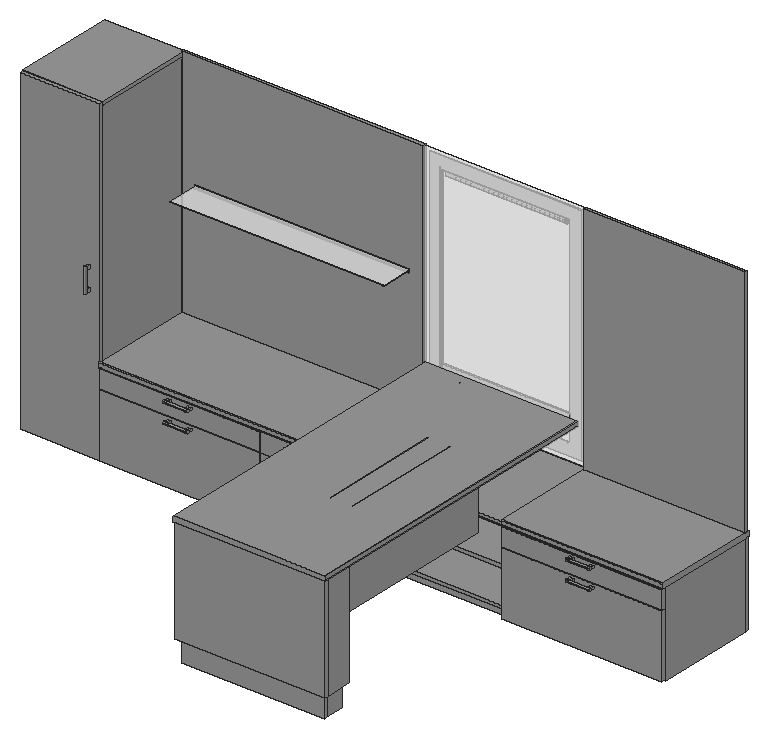
Revit family "JSI-Vision-Typical_Veneer-VSV122", category Furniture, Revit 2020
Family settings
  OmniClass Number = 23.40.20.00
  OmniClass Title = General Furniture and Specialties
  Work Plane-Based = No
  Always vertical = Yes
  Cut with Voids When Loaded = No
  Shared = No
  Room Calculation Point = No
Parameters (values of type "VSV122")
  URL = "www.jsifurniture.com"
  Type Comments = "Typical Veneer"  # constant formula
  Model = "VSV122"
  Manufacturer = "JSI"  # constant formula
  Keynote = "12500"
  Default Elevation = 0"
  Assembly Code = "E2020200"
Reference planes (in)
  plane 1 "Center Front/Back": y = 0
  plane 2: z = 0
  plane 3 "Center Left/Right": x = 0
Dimensions and locks (in)
  aligned and locked: level to plane 2
Nested families (in)
  nested 1: "JSI-Vision-Wall_Panel_Magnetic_Glass" at (-72, 0, -9.5685), type "VSB3653WPGP, Wall Panel Magnetic Glass 52 3/16"H, 36"W"
  nested 2: "JSI-Vision-Wardrobe" at (-143.875, 0.125, 0), type "VSV2418-72WL, Veneer 72" H Wdrb 24" x 30" - 1 Door"
    with Vertical Partition no, Top-Right Shelve no, Width 18", Unit Centre 8 15/16", Shelve Width 7 13/16", Right surface Dist. to Vertical Partition 3/4", Right Door no, Pull Distance 15 1/4", Left Shelves no, Height 72", Hanging Bar Distance 6 3/4", Door Width 17 3/4", Bottom-Right Shelves yes, Adjustable Shelves Array Distance 13.95", Actual Width 17 7/8", Actual Height 71 11/16", # of Adjustable Shelves 4
  nested 3: "JSI-Vision-Box_File_Modular_Bench_Pedestal" at (-90, 0, 0), type "VSVB2418MBF, Veneer BF Modular Bench H Ped"
    with Height 18.744", Depth 24"
  nested 4: "JSI-Vision-Box_File_Modular_Bench_Pedestal" at (-36, 0, 0), type "VSVB2436MBF, Veneer BF Modular Bench H Ped"
    with Width 36", Height 18.744", Depth 24"
  nested 5: "JSI-Vision-Bench_Height_Modular_Top" at (-36, 0, -0.756), type "VSVB2436MT, Veneer Mod Bench H Top, 24" x 36""
    with Width 36", Depth 24"
  nested 6: "JSI-Vision-Bench_Height_Modular_Top" at (-126, 0, -0.756), type "VSVB2454MT, Veneer Mod Bench H Top, 24" x 54""
    with Width 54", Depth 24"
  nested 7: "JSI-Vision-Box_File_Modular_Bench_Pedestal" at (-126, 0, 0), type "VSVB2436MBF, Veneer BF Modular Bench H Ped"
    with Width 36", Height 18.744", Depth 24"
  nested 8: "JSI-Vision-Adjustable_Height_Peninsula_Desk-Credenza" at (-36, 0, 0) x (0, -1, 0) z (0, 0, 1), type "VSVB3672-AH24PDR, Adj Height Peninsula Desk Credenza 20"H, 72"W"
  nested 9: "JSI-Vision-Wall_Panel_Laminate" at (-36, 0, -9.5685), type "VSV3653WP, Veneer Wall Panel - 7 15/16d x 36w x 52 3/16h"
    with Width 36", Height 52.187"
  nested 10: "JSI-Vision-Wall_Panel_Markerboard_Laminate-Glass_Shelf" at (-126, 0, 0.119), type "VSV5453WPGS, Wall Panel with Glass Shelf 52 3/16"H, 54"W"
    with Two Shelves yes, Qty Shelf 1, One Shelf yes, Dist Shelf 26 3/32", Width 54", Height 52 3/16"
  nested 11: "JSI-Vision-Filler_Back_Panel_for_Bench_Height" at (-4, 0, 0), type "VSVB0419MBK, Filler Back Panel for Bench Height 18 3/4"H, 4"W"
Definition of nested family "JSI-Vision-Wall_Panel_Magnetic_Glass"
  Parameters (values of type "VSB3653WPGP, Wall Panel Magnetic Glass 52 3/16"H, 36"W")
    Width = 36"
    URL = "www.jsifurniture.com"
    Type Comments = ""
    Series = "Vision Casegoods"  # constant formula
    Model = "VSB3653WPGP"
    Material = ""
    Manufacturer = "JSI"  # constant formula
    Keynote = "12500"  # constant formula
    SVX Enviromental Website = "http://www.jsifurniture.com/jsi_sustainability_intro.php"
    Height = 52 3/16"
    Hardware Finish = none
    Description = "Wall Panel Magnetic Glass -  7/16\"D x 36\"W x 52 3/16\"H"
    Depth = 7/16"
    Panel Finish = none
    Default Elevation = 0"
    Assembly Code = "E2020200"
  Types (2): name | Model | Height | Description
    VSB3653WPGP, Wall Panel Magnetic Glass 52 3/16"H, 36"W | "VSB3653WPGP" | 52 3/16" | "Wall Panel Magnetic Glass -  7/16\"D x 36\"W x 52 3/16\"H"
    VSB3654WPGP, Wall Panel Magnetic Glass 54 1/2"H, 36"W | "VSB3654WPGP" | 54 1/2" | "Wall Panel Magnetic Glass -  7/16\"D x 36\"W x 54 1/2\"H"
  Reference planes (in)
    plane 1 "Center Front/Back": y = 0
    plane 2: z = 0
    plane 3 "Center Left/Right": x = 0
    plane 4: z = 0
    plane 5: z = 81.6875
    plane 6: x = 36
    plane 7: y = -0.4375
    plane 8: z = 29.5
  Forms (in)
    Extrusion 1, solid, material <- "Panel Finish"
      sketch origin (0, -0.25, 0) x (1, 0, 0) y (0, 0, 1)
        loop
          line (0, 81.6875) -> (0, 29.5) -> (36, 29.5) -> (36, 81.6875) -> (0, 81.6875)
      from 0.03002 to 0.1875
    Sweep 2, solid, material <- "Hardware Finish"
      path origin (0, 0, 0) x (1, 0, 0) y (0, 0, 1)
        loop
          line (1, 80.6875) -> (1, 30.5) -> (35, 30.5) -> (35, 80.6875) -> (1, 80.6875)
      profile origin (18, 0, 80.6875) x (0, 0, 1) y (0, -1, 0)
        loop
          line (0, 0) -> (0, 0.28002) -> (-2.66142, 0.28002) -> (-2.66142, 0.20128) -> (-2.18898, 0.20128) -> (-2.18898, 0.07874) -> (-2.66142, 0.07874) -> (-2.66142, 0) -> (0, 0)
    Extrusion 3, solid, material <- "Hardware Finish"
      sketch origin (0, 0, 0) x (0, 1, 0) y (0, 0, 1)
        loop
          line (0, 36.40108) -> (0, 39.0625) -> (-0.28002, 39.0625) -> (-0.28002, 36.40108) -> (-0.20128, 36.40108) -> (-0.20128, 36.95226) -> (-0.07874, 36.95226) -> (-0.07874, 36.40108) -> (0, 36.40108)
      from 32.33858 to 3.66142
    Extrusion 4, solid, material <- "Hardware Finish"
      sketch origin (0, 0, 0) x (0, 1, 0) y (0, 0, 1)
        loop
          line (-0.1808, 36.95191) -> (-0.1808, 36.15) -> (-0.0558, 36.15) -> (-0.0558, 35.15) -> (0.0192, 35.15) -> (0.0192, 35.23062)
          arc (0.0192, 35.23062) -> (-0.01092, 35.26074) -> (0.0192, 35.29087) r 0.03012
          line (0.0192, 35.29087) -> (0.0192, 35.35562)
          arc (0.0192, 35.35562) -> (-0.01092, 35.38574) -> (0.0192, 35.41587) r 0.03012
          line (0.0192, 35.41587) -> (0.0192, 35.48062)
          arc (0.0192, 35.48062) -> (-0.01092, 35.51074) -> (0.0192, 35.54087) r 0.03012
          line (0.0192, 35.54087) -> (0.0192, 35.60562)
          arc (0.0192, 35.60562) -> (-0.01092, 35.63574) -> (0.0192, 35.66587) r 0.03012
          line (0.0192, 35.66587) -> (0.0192, 35.73062)
          arc (0.0192, 35.73062) -> (-0.01092, 35.76074) -> (0.0192, 35.79087) r 0.03012
          line (0.0192, 35.79087) -> (0.0192, 35.85562)
          arc (0.0192, 35.85562) -> (-0.01092, 35.88574) -> (0.0192, 35.91587) r 0.03012
          line (0.0192, 35.91587) -> (0.0192, 35.98062)
          arc (0.0192, 35.98062) -> (-0.01092, 36.01074) -> (0.0192, 36.04087) r 0.03012
          line (0.0192, 36.04087) -> (0.0192, 36.4) -> (-0.0858, 36.4) -> (-0.0858, 36.95191) -> (-0.1808, 36.95191)
        loop
          line (-0.1808, 78.57691) -> (-0.1808, 77.775) -> (-0.0558, 77.775) -> (-0.0558, 76.775) -> (0.0192, 76.775) -> (0.0192, 76.85562)
          arc (0.0192, 76.85562) -> (-0.01092, 76.88574) -> (0.0192, 76.91587) r 0.03012
          line (0.0192, 76.91587) -> (0.0192, 76.98062)
          arc (0.0192, 76.98062) -> (-0.01092, 77.01074) -> (0.0192, 77.04087) r 0.03012
          line (0.0192, 77.04087) -> (0.0192, 77.10562)
          arc (0.0192, 77.10562) -> (-0.01092, 77.13574) -> (0.0192, 77.16587) r 0.03012
          line (0.0192, 77.16587) -> (0.0192, 77.23062)
          arc (0.0192, 77.23062) -> (-0.01092, 77.26074) -> (0.0192, 77.29087) r 0.03012
          line (0.0192, 77.29087) -> (0.0192, 77.35562)
          arc (0.0192, 77.35562) -> (-0.01092, 77.38574) -> (0.0192, 77.41587) r 0.03012
          line (0.0192, 77.41587) -> (0.0192, 77.48062)
          arc (0.0192, 77.48062) -> (-0.01092, 77.51074) -> (0.0192, 77.54087) r 0.03012
          line (0.0192, 77.54087) -> (0.0192, 77.60562)
          arc (0.0192, 77.60562) -> (-0.01092, 77.63574) -> (0.0192, 77.66587) r 0.03012
          line (0.0192, 77.66587) -> (0.0192, 78.025) -> (-0.0858, 78.025) -> (-0.0858, 78.57691) -> (-0.1808, 78.57691)
      from 31.715 to 4.285
  Lines and regions (in)
    symbolic lines
      curve 1: line (0, -0.28002, 0) -> (36, -0.28002, 0)
      curve 2: line (0, -0.4375, 0) -> (0, -0.28002, 0)
      curve 3: line (36, -0.4375, 0) -> (0, -0.4375, 0)
      curve 4: line (36, -0.28002, 0) -> (36, -0.4375, 0)
      curve 5: line (1, -0.28002, 0) -> (1, 0, 0)
      curve 6: line (1, 0, 0) -> (35, 0, 0)
      curve 7: line (35, 0, 0) -> (35, -0.28002, 0)
  Dimensions and locks (in)
    "Width": plane 3 "Center Left/Right" to plane 6
    "Depth": plane 1 "Center Front/Back" to plane 7
    locked: plane 1 "Center Front/Back" to Extrusion 1 at 0.28002
    locked: plane 8 to plane 4 at 29.5
    "Height": plane 5 to plane 8
    locked: plane 5 to Sweep 2 sketch curve at 1
    locked: Sweep 2 sketch curve to plane 8 at 1
    locked: Sweep 2 sketch curve to plane 3 "Center Left/Right" at 1
    locked: Sweep 2 sketch curve to plane 6 at 1
    plane 5 to Sweep 2 sketch curve to Sweep 2 sketch curve to Sweep 2 sketch curve = 1" locked, 2.18898" locked, 0.47244" locked
    Extrusion 3 sketch curve to Extrusion 3 sketch curve to Extrusion 3 sketch curve to plane 8 = 2.11024" locked, 0.55118" locked, 6.90108" locked
    plane 8 to Extrusion 4 sketch curve to Extrusion 4 sketch curve to Extrusion 4 sketch curve to Extrusion 4 sketch curve to Extrusion 4 sketch curve to Extrusion 4 sketch curve to Extrusion 4 sketch curve to Extrusion 4 sketch curve to Extrusion 4 sketch curve to Extrusion 4 sketch curve to Extrusion 4 sketch curve = 5.65" locked, 0.11074" locked, 1/8" locked, 1/8" locked, 1/8" locked, 1/8" locked, 1/8" locked, 1/8" locked, 0.13926" locked, 1/4" locked, 0.55191" locked
    Extrusion 4 sketch curve to Extrusion 4 sketch curve to Extrusion 4 sketch curve to Extrusion 4 sketch curve to Extrusion 4 sketch curve to Extrusion 4 sketch curve to Extrusion 4 sketch curve to Extrusion 4 sketch curve to Extrusion 4 sketch curve to Extrusion 4 sketch curve to Extrusion 4 sketch curve to plane 5 = 0.11074" locked, 1/8" locked, 1/8" locked, 1/8" locked, 1/8" locked, 1/8" locked, 1/8" locked, 0.13926" locked, 1/4" locked, 0.55191" locked, 3.11059" locked
    locked: plane 3 "Center Left/Right" to Extrusion 4 at 4.285
    locked: plane 6 to Extrusion 4 at 4.285
    aligned and locked: level to plane 2
    aligned and locked: plane 3 "Center Left/Right" to Extrusion 1 sketch curve
    aligned and locked: plane 6 to Extrusion 1 sketch curve
    aligned and locked: Extrusion 1 to plane 7
    aligned and locked: Extrusion 1 to plane 6
    aligned and locked: Extrusion 1 to plane 3 "Center Left/Right"
    aligned and locked: Sweep 2 sketch curve to Sweep 2 sketch curve
    aligned and locked: Extrusion 1 to plane 8
    aligned and locked: Extrusion 3 sketch curve to Extrusion 3 sketch curve
    aligned and locked: Sweep 2 to Extrusion 3  (x2)
    aligned and locked: Extrusion 3 to Sweep 2
    aligned and locked: curve 1 to Extrusion 1
    aligned and locked: curve 2 to Extrusion 1
    aligned and locked: curve 3 to Extrusion 1
    aligned and locked: curve 4 to Extrusion 1
  Automatic sketch dimensions
    Extrusion 1 sketch curve to plane 8 = 0"
    Extrusion 1 sketch curve to plane 5 = 0"
    Sweep 2 sketch curve to plane 1 "Center Front/Back" = 0"
    Sweep 2 sketch curve to Sweep 2 sketch curve = 0.07874"
    Sweep 2 sketch curve to Sweep 2 sketch curve = 0.12254"
    Sweep 2 sketch curve to Sweep 2 sketch curve = 0.28002"
    Extrusion 3 sketch curve to plane 1 "Center Front/Back" = 0"
    plane 1 "Center Front/Back" to Extrusion 3 sketch curve = 0.07874"
    Extrusion 3 sketch curve to Extrusion 3 sketch curve = 0.12254"
    Extrusion 3 sketch curve to Extrusion 3 sketch curve = 0.07874"
    plane 1 "Center Front/Back" to Extrusion 4 sketch curve = 0.1808"  (x2)
    plane 1 "Center Front/Back" to Extrusion 4 sketch curve = 0.0858"  (x2)
    plane 1 "Center Front/Back" to Extrusion 4 sketch curve = 0.0558"  (x2)
    Extrusion 4 sketch curve to plane 1 "Center Front/Back" = 0.0192"  (x2)
    Extrusion 4 sketch curve to Extrusion 4 sketch curve = 0.03012"  (x14)
    plane 1 "Center Front/Back" to curve 6 = 0"
    plane 3 "Center Left/Right" to curve 6 = 1"
    curve 7 to curve 1 = 1"
Definition of nested family "JSI-Vision-Wardrobe"
  Parameters (values of type "Type Catalog")
    Vertical Partition = yes
    Top-Right Shelve = yes
    Top = none
    Width = 36"
    Unit Centre = Actual Width / 2  # 17 15/16"
    URL = "www.jsifurniture.com"
    Type Comments = ""
    Tag = "Storage/Wardrobe"
    Shelve Width = (Actual Width - 2 1/4") / 2  # 16 13/16"
    Shelve Depth = Depth - 2 13/16"  # 21 3/16"
    Series = "Vision Casegoods"  # constant formula
    Right surface Dist. to Vertical Partition = if(Vertical Partition, (Unit Centre + 3/8"), 3/4")  # 18 5/16"
    Right Door = yes
    Pull Finish = none
    Pull Distance = Door Width - 2 1/2"  # 15 5/16"
    Model = "Type Catalog"
    Material = ""
    Manufacturer = "JSI"  # constant formula
    Left Shelves = yes
    Left Door = yes
    Keynote = "12500"
    JSI Enviromental Website = "http://www.jsifurniture.com/jsi_sustainability_intro.php"
    Height = 84"
    Hanging Bar Distance = if(Height > 72", (Adjustable Shelves Array Distance + 6 3/4"), 6 3/4")  # 20 3/8"
    Door Width = if(Vertical Partition, ((Actual Width - (1/4")) / 2), (Actual Width - 1/8"))  # 17 13/16"
    Door Front = none
    Description = "Type Catalog"
    Depth = 24"
    Default Elevation = 0"
    Chassis = none
    Bottom-Right Shelves = no
    Assembly Code = "E2020200"
    Adjustable Shelves Array Distance = (Actual Height - 1 15/16") / (# of Adjustable Shelves + 1)  # 13 5/8"
    Actual Width = Width - 1/8"  # 35 7/8"
    Actual Height = if(Height > 54", (Height - 5/16"), (if(Height > 42", (Height + 1 1/8"), if(Height > 30", (Height - 3/8"), (Height - 13/16")))))  # 83 11/16"
    # of Adjustable Shelves = if(Height > 72", 5, 4)  # 5
  Reference planes (in)
    plane 1 "Center Front/Back": y = 0
    plane 2: z = 0
    plane 3 "Center Left/Right": x = 0
    plane 4: z = 0
    plane 5: x = 35.875
    plane 6: y = -0.125
    plane 7: y = -23
    plane 8: z = 83.6875
    plane 9: y = -0.875
    plane 10: y = -22.8125
    plane 11: y = -22.0625
    plane 12: x = 0.75
    plane 13: x = 35.125
    plane 14: z = 1.1875
    plane 15: z = 1.9375
    plane 16: z = 82.9375
    plane 17: z = 83.3125
    plane 18: z = 15.1875
    plane 19: z = 28.8125
    plane 20: z = 42.4375
    plane 21: z = 56.0625
    plane 22: z = 69.6875
    plane 23: z = 70.0625
    plane 24: z = 69.3125
    plane 25: z = 56.4375
    plane 26: z = 55.6875
    plane 27: z = 42.8125
    plane 28: z = 42.0625
    plane 29: z = 29.1875
    plane 30: z = 28.4375
    plane 31: z = 15.5625
    plane 32: z = 14.8125
    plane 33: x = 17.9375
    plane 34: x = 0.0625
    plane 35: x = 35.8125
    plane 36: x = 18
    plane 37: x = 17.875
    plane 38: z = 0.125
    plane 39: y = -23.125
    plane 40: y = -23.875
    plane 41: z = 1.5625
    plane 42: x = 18.3125
    plane 43: x = 17.5625
    plane 44: y = -24
    plane 45: z = 83.625
    plane 46: z = 63.3125
    plane 47: y = -11.5625
    plane 48: z = 41.84375
    plane 49: x = 20.5
    plane 50: x = 15.375
    plane 51: z = 20.3125
    plane 52: z = 19.5625
    plane 53: x = 18.3125
  Forms (in)
    Extrusion 1, solid, material <- "Chassis"
      sketch origin (0, 0, 0) x (1, 0, 0) y (0, 1, 0)
        loop
          line (0, -0.125) -> (0, -0.875) -> (35.875, -0.875) -> (35.875, -0.125) -> (0, -0.125)
      from 0 to 82.9375
    Extrusion 2, solid, material <- "Chassis"
      sketch origin (0, 0, 0) x (1, 0, 0) y (0, 1, 0)
        loop
          line (0, -0.875) -> (0, -23) -> (0.75, -23) -> (0.75, -0.875) -> (0, -0.875)
      from 0 to 82.9375
    Extrusion 3, solid, material <- "Chassis"
      sketch origin (0, 0, 0) x (1, 0, 0) y (0, 1, 0)
        loop
          line (35.125, -0.875) -> (35.125, -23) -> (35.875, -23) -> (35.875, -0.875) -> (35.125, -0.875)
      from 0 to 82.9375
    Extrusion 4, solid, material <- "Top"
      sketch origin (0, 0, 0) x (0, 1, 0) y (0, 0, 1)
        loop
          line (-0.125, 83.6875) -> (-23, 83.6875) -> (-23, 82.9375) -> (-0.125, 82.9375) -> (-0.125, 83.6875)
      from 0 to 35.875
    Extrusion 5, solid, material <- "Chassis"
      sketch origin (0, 0, 0) x (0, 1, 0) y (0, 0, 1)
        loop
          line (-0.875, 1.9375) -> (-22.0625, 1.9375) -> (-22.0625, 1.1875) -> (-0.875, 1.1875) -> (-0.875, 1.9375)
      from 0.75 to 35.125
    Extrusion 6, solid, material <- "Chassis"
      sketch origin (0, 0, 0) x (0, 1, 0) y (0, 0, 1)
        loop
          line (-22.0625, 1.9375) -> (-22.8125, 1.9375) -> (-22.8125, 0) -> (-22.0625, 0) -> (-22.0625, 1.9375)
      from 0.75 to 35.125
    Extrusion 7, solid, material <- "Door Front", visible <- "Left Door"
      sketch origin (0, 0, 0) x (1, 0, 0) y (0, 1, 0)
        loop
          line (0.0625, -23.125) -> (0.0625, -23.875) -> (17.875, -23.875) -> (17.875, -23.125) -> (0.0625, -23.125)
      from 0.125 to 83.625
    Extrusion 8, solid, material <- "Door Front", visible <- "Right Door"
      sketch origin (0, 0, 0) x (1, 0, 0) y (0, 1, 0)
        loop
          line (18, -23.125) -> (18, -23.875) -> (35.8125, -23.875) -> (35.8125, -23.125) -> (18, -23.125)
      from 0.125 to 83.625
    Extrusion 9, solid, material <- "Chassis", visible <- "Vertical Partition"
      sketch origin (0, 0, 0) x (1, 0, 0) y (0, 1, 0)
        loop
          line (17.5625, -0.875) -> (17.5625, -23) -> (18.3125, -23) -> (18.3125, -0.875) -> (17.5625, -0.875)
      from 1.9375 to 82.9375
    Extrusion 10, solid, material <- "Chassis", visible <- "Left Shelves"
      sketch origin (0, 0, 0) x (0, 1, 0) y (0, 0, 1)
        loop
          line (-0.875, 15.5625) -> (-22.0625, 15.5625) -> (-22.0625, 14.8125) -> (-0.875, 14.8125) -> (-0.875, 15.5625)
      from 0.75 to 17.5625
    Extrusion 11, solid, material <- "Chassis", visible <- "Top-Right Shelve"
      sketch origin (0, 0, 0) x (0, 1, 0) y (0, 0, 1)
        loop
          line (-0.875, 70.0625) -> (-22.0625, 70.0625) -> (-22.0625, 69.3125) -> (-0.875, 69.3125) -> (-0.875, 70.0625)
      from 18.3125 to 35.125
    Extrusion 12, solid, material <- "Pull Finish"
      sketch origin (0, 0, 0) x (0, 1, 0) y (0, 0, 1)
        loop
          circle (-11.5625, 63.3125) r 0.5
      from 18.3125 to 35.125
    Extrusion 13, solid, material <- "Chassis", visible <- "Left Shelves"
      sketch origin (0, 0, 13.625) x (0, 1, 0) y (0, 0, 1)
        loop
          line (-0.875, 15.5625) -> (-22.0625, 15.5625) -> (-22.0625, 14.8125) -> (-0.875, 14.8125) -> (-0.875, 15.5625)
      from 0.75 to 17.5625
    Extrusion 14, solid, material <- "Chassis", visible <- "Left Shelves"
      sketch origin (0, 0, 27.25) x (0, 1, 0) y (0, 0, 1)
        loop
          line (-0.875, 15.5625) -> (-22.0625, 15.5625) -> (-22.0625, 14.8125) -> (-0.875, 14.8125) -> (-0.875, 15.5625)
      from 0.75 to 17.5625
    Extrusion 15, solid, material <- "Chassis", visible <- "Left Shelves"
      sketch origin (0, 0, 40.875) x (0, 1, 0) y (0, 0, 1)
        loop
          line (-0.875, 15.5625) -> (-22.0625, 15.5625) -> (-22.0625, 14.8125) -> (-0.875, 14.8125) -> (-0.875, 15.5625)
      from 0.75 to 17.5625
    Extrusion 16, solid, material <- "Chassis", visible <- "Bottom-Right Shelves"
      sketch origin (0, 0, 0) x (0, 1, 0) y (0, 0, 1)
        loop
          line (-22.0625, 29.1875) -> (-22.0625, 28.4375) -> (-0.875, 28.4375) -> (-0.875, 29.1875) -> (-22.0625, 29.1875)
      from 18.3125 to 35.125
    Extrusion 17, solid, material <- "Chassis", visible <- "Bottom-Right Shelves"
      sketch origin (0, 0, 0) x (0, 1, 0) y (0, 0, 1)
        loop
          line (-22.0625, 20.3125) -> (-22.0625, 19.5625) -> (-0.875, 19.5625) -> (-0.875, 20.3125) -> (-22.0625, 20.3125)
      from 18.3125 to 35.125
    Extrusion 18, solid, material <- "Chassis", visible <- "Left Shelves"
      sketch origin (0, 0, 54.5) x (0, 1, 0) y (0, 0, 1)
        loop
          line (-0.875, 15.5625) -> (-22.0625, 15.5625) -> (-22.0625, 14.8125) -> (-0.875, 14.8125) -> (-0.875, 15.5625)
      from 0.75 to 17.5625
  Lines and regions (in)
    symbolic lines
      curve 1: line (35.875, -0.125, 0) -> (0, -0.125, 0)
      curve 2: line (0, -0.125, 0) -> (0, -23, 0)
      curve 3: line (35.875, -23, 0) -> (35.875, -0.125, 0)
      curve 4: line (0, -23, 0) -> (35.875, -23, 0)
      curve 5: line (17.875, -23.875, 0) -> (17.875, -23.125, 0)
      curve 6: line (0.0625, -23.875, 0) -> (17.875, -23.875, 0)
      curve 7: line (17.875, -23.125, 0) -> (0.0625, -23.125, 0)
      curve 8: line (0.0625, -23.125, 0) -> (0.0625, -23.875, 0)
      curve 9: line (35.8125, -23.125, 20.3125) -> (18, -23.125, 20.3125)
      curve 10: line (18, -23.875, 20.3125) -> (35.8125, -23.875, 20.3125)
      curve 11: line (18, -23.125, 20.3125) -> (18, -23.875, 20.3125)
      curve 12: line (35.8125, -23.875, 20.3125) -> (35.8125, -23.125, 20.3125)
  Dimensions and locks (in)
    locked: plane 6 to plane 1 "Center Front/Back" at 0.125
    plane 7 to plane 10 to plane 11 = 3/16" locked, 3/4" locked
    locked: plane 3 "Center Left/Right" to plane 12 at 0.75
    locked: plane 13 to plane 5 at 0.75
    plane 15 to plane 14 to plane 4 = 3/4" locked, 1 3/16" locked
    locked: plane 8 to plane 16 at 0.75
    locked: plane 17 to plane 16 at 0.375
    plane 23 to plane 22 to plane 24 = 3/8" locked, 3/8" locked
    plane 25 to plane 21 to plane 26 = 3/8" locked, 3/8" locked
    plane 27 to plane 20 to plane 28 = 3/8" locked, 3/8" locked
    plane 29 to plane 19 to plane 30 = 3/8" locked, 3/8" locked
    plane 31 to plane 18 to plane 32 = 3/8" locked, 3/8" locked
    "Actual Width": plane 3 "Center Left/Right" to plane 5
    "Unit Centre": plane 3 "Center Left/Right" to plane 33
    "Actual Height": plane 8 to plane 4
    locked: plane 3 "Center Left/Right" to plane 34 at 0.0625
    locked: plane 35 to plane 5 at 0.0625
    plane 40 to plane 39 to plane 7 = 3/4" locked, 1/8" locked
    "Door Width": plane 34 to plane 37
    "Door Width": plane 36 to plane 35
    locked: plane 15 to plane 41 at 0.375
    plane 43 to plane 33 to plane 42 = 3/8" locked, 3/8" locked
    "Depth": plane 44 to plane 1 "Center Front/Back"
    locked: plane 44 to plane 40 at 0.125
    "Adjustable Shelves Array Distance": Extrusion 10 to plane 15
    locked: plane 8 to plane 45 at 0.0625
    "Adjustable Shelves Array Distance": plane 17 to plane 22
    equal spacing: plane 6, plane 47, plane 7
    equal spacing: plane 8, plane 48, plane 4
    "Shelve Depth": Extrusion 10 sketch curve to Extrusion 10 sketch curve
    "Shelve Depth": Extrusion 13 sketch curve to Extrusion 13 sketch curve
    equal spacing: group 1, group 2, group 3, group 4, group 5  (x3)
    "Shelve Width": Extrusion 10 to Extrusion 10
    "Shelve Depth": Extrusion 14 sketch curve to Extrusion 14 sketch curve
    "Shelve Width": Extrusion 14 to Extrusion 14
    "Shelve Depth": Extrusion 15 sketch curve to Extrusion 15 sketch curve
    "Shelve Width": Extrusion 15 to Extrusion 15
    "Shelve Width": Extrusion 13 to Extrusion 13
    "Hanging Bar Distance": plane 8 to plane 46
    "Adjustable Shelves Array Distance": Extrusion 13 to Extrusion 10
    plane 30 to plane 51 to plane 52 = 8 1/8" locked, 3/4" locked
    "Pull Distance": plane 49 to plane 35
    "Pull Distance": plane 34 to plane 50
    "Right surface Dist. to Vertical Partition": plane 53 to plane 3 "Center Left/Right"
    "Shelve Depth": Extrusion 18 sketch curve to Extrusion 18 sketch curve
    "Shelve Width": Extrusion 18 to Extrusion 18
    locked: plane 38 to plane 4 at 0.125
    radius of Extrusion 12 sketch curve = 1/2"
    aligned and locked: level to plane 2
    aligned and locked: plane 6 to Extrusion 1 sketch curve
    aligned and locked: Extrusion 1 sketch curve to plane 9
    aligned and locked: Extrusion 1 sketch curve to plane 5
    aligned and locked: plane 3 "Center Left/Right" to Extrusion 1 sketch curve
    aligned and locked: Extrusion 1 to plane 4
    aligned and locked: plane 16 to Extrusion 1
    aligned and locked: plane 3 "Center Left/Right" to Extrusion 2 sketch curve
    aligned and locked: Extrusion 2 sketch curve to plane 12
    aligned and locked: Extrusion 2 sketch curve to plane 7
    aligned and locked: plane 9 to Extrusion 2 sketch curve
    aligned and locked: plane 13 to Extrusion 3 sketch curve
    aligned and locked: Extrusion 3 sketch curve to plane 5
    aligned and locked: Extrusion 3 sketch curve to plane 7
    aligned and locked: plane 9 to Extrusion 3 sketch curve
    aligned and locked: Extrusion 2 to plane 4
    aligned and locked: Extrusion 3 to plane 4
    aligned and locked: plane 16 to Extrusion 2
    aligned and locked: plane 16 to Extrusion 3
    aligned and locked: plane 16 to Extrusion 4 sketch curve
    aligned and locked: Extrusion 4 sketch curve to plane 8
    aligned and locked: plane 6 to Extrusion 4 sketch curve
    aligned and locked: Extrusion 4 sketch curve to plane 7
    aligned and locked: Extrusion 4 to plane 3 "Center Left/Right"
    aligned and locked: plane 5 to Extrusion 4
    aligned and locked: Extrusion 5 sketch curve to plane 11
    aligned and locked: plane 14 to Extrusion 5 sketch curve
    aligned and locked: Extrusion 5 sketch curve to plane 15
    aligned and locked: plane 9 to Extrusion 5 sketch curve
    aligned and locked: Extrusion 5 to plane 12
    aligned and locked: plane 13 to Extrusion 5
    aligned and locked: plane 11 to Extrusion 6 sketch curve
    aligned and locked: Extrusion 6 sketch curve to plane 10
    aligned and locked: plane 4 to Extrusion 6 sketch curve
    aligned and locked: Extrusion 6 sketch curve to plane 15
    aligned and locked: Extrusion 6 to plane 12
    aligned and locked: plane 13 to Extrusion 6
    aligned and locked: level to plane 4
    aligned and locked: plane 33 to nested 1
    aligned and locked: plane 40 to nested 1
    aligned and locked: plane 39 to Extrusion 7 sketch curve
    aligned and locked: Extrusion 7 sketch curve to plane 40
    aligned and locked: Extrusion 7 sketch curve to plane 37
    aligned and locked: plane 34 to Extrusion 7 sketch curve
    aligned and locked: plane 39 to Extrusion 8 sketch curve
    aligned and locked: Extrusion 8 sketch curve to plane 40
    aligned and locked: Extrusion 8 sketch curve to plane 35
    aligned and locked: plane 36 to Extrusion 8 sketch curve
    aligned and locked: Extrusion 7 to plane 38
    aligned and locked: Extrusion 8 to plane 38
    aligned and locked: plane 43 to Extrusion 9 sketch curve
    aligned and locked: Extrusion 9 sketch curve to plane 42
    aligned and locked: plane 9 to Extrusion 9 sketch curve
    aligned and locked: Extrusion 9 sketch curve to plane 7
    aligned and locked: Extrusion 9 to plane 15
    aligned and locked: plane 16 to Extrusion 9
    aligned and locked: plane 45 to Extrusion 7
    aligned and locked: plane 45 to Extrusion 8
    aligned and locked: Extrusion 11 sketch curve to plane 23
    aligned and locked: plane 24 to Extrusion 11 sketch curve
    aligned and locked: plane 9 to Extrusion 11 sketch curve
    aligned and locked: Extrusion 11 sketch curve to plane 11
    aligned and locked: plane 13 to Extrusion 11
    aligned and locked: plane 13 to Extrusion 12
    aligned and locked: Extrusion 10 to plane 9
    aligned and locked: plane 50 to nested 3
    aligned and locked: plane 49 to nested 2
    aligned and locked: plane 48 to nested 3
    aligned and locked: plane 48 to nested 2
    aligned and locked: plane 43 to Extrusion 10
    aligned and locked: plane 43 to Extrusion 13
    aligned and locked: Extrusion 13 to plane 9
    aligned and locked: plane 40 to nested 3
    aligned and locked: plane 40 to nested 2
    aligned and locked: Extrusion 16 sketch curve to plane 29
    aligned and locked: plane 30 to Extrusion 16 sketch curve
    aligned and locked: plane 9 to Extrusion 16 sketch curve
    aligned and locked: Extrusion 16 sketch curve to plane 11
    aligned and locked: plane 13 to Extrusion 16
    aligned and locked: Extrusion 17 sketch curve to plane 51
    aligned and locked: plane 52 to Extrusion 17 sketch curve
    aligned and locked: Extrusion 17 sketch curve to plane 11
    aligned and locked: plane 9 to Extrusion 17 sketch curve
    aligned and locked: plane 13 to Extrusion 17
    aligned and locked: plane 53 to Extrusion 12
    aligned and locked: plane 53 to Extrusion 11
    aligned and locked: plane 53 to Extrusion 17
    aligned and locked: plane 53 to Extrusion 16
    aligned and locked: curve 1 to Extrusion 4
    aligned and locked: curve 2 to Extrusion 4
    aligned and locked: curve 3 to Extrusion 4
    aligned and locked: curve 4 to Extrusion 4
    aligned and locked: curve 5 to Extrusion 7
    aligned and locked: curve 6 to Extrusion 7
    aligned and locked: curve 7 to Extrusion 7
    aligned and locked: curve 8 to Extrusion 7
    aligned and locked: curve 9 to Extrusion 8
    aligned and locked: curve 10 to Extrusion 8
    aligned and locked: curve 11 to Extrusion 8
    aligned and locked: curve 12 to Extrusion 8
  Automatic sketch dimensions
    Extrusion 12 sketch curve to plane 46 = 0"
    Extrusion 12 sketch curve to plane 47 = 0"
    Extrusion 10 sketch curve to Extrusion 10 sketch curve = 3/4"
    Extrusion 13 sketch curve to Extrusion 13 sketch curve = 3/4"
    Extrusion 14 sketch curve to Extrusion 14 sketch curve = 3/4"
    Extrusion 15 sketch curve to Extrusion 15 sketch curve = 3/4"
    Extrusion 18 sketch curve to Extrusion 18 sketch curve = 3/4"
  Nested families (in)
    nested 1: "Label 1-16 OH" at (17.9375, -23.875, 0), type "OH DOORS"
    nested 2: "Vertical Bar Pull" at (20.5, -23.875, 41.84375), Pull Finish <- "Pull Finish", visible <- "Right Door", type "PL"
      with Pull Finish none
    nested 3: "Vertical Bar Pull" at (15.375, -23.875, 41.84375), Pull Finish <- "Pull Finish", visible <- "Left Door", type "PL"
      with Pull Finish none
  Definition of nested family "Vertical Bar Pull"
    Parameters
      Pull Finish [instance] = none
      Default Elevation = 0"
    Reference planes (in)
      plane 1 "Center Front/Back": y = 0
      plane 2: z = 0
      plane 3 "Center Left/Right": x = 0
      plane 4: x = -2.68731
      plane 5: x = -1.88731
      plane 6: x = 2.68731
      plane 7: x = 1.88731
      plane 8: y = -1
      plane 9: y = -0.85202
      plane 10: z = 2.68731
      plane 11: z = 1.88731
      plane 12: z = -1.88731
      plane 13: z = -2.68731
    Forms (in)
      Extrusion 1, solid, material <- "Pull Finish"
        sketch origin (0, 0, 0) x (0, 1, 0) y (-1, 0, 0)
          loop
            line (0, -0.2015) -> (0, 0.2015) -> (-0.85202, 0.2015)
            arc (-0.85202, 0.2015) -> (-0.75, 0) -> (-0.85202, -0.2015) r 0.25
            line (-0.85202, -0.2015) -> (0, -0.2015)
        from 1.88731 to 2.68731
      Extrusion 2, solid, material <- "Pull Finish"
        sketch origin (0, 0, 0) x (0, 1, 0) y (-1, 0, 0)
          loop
            circle (-1, 0) r 0.25
        from -2.68731 to 2.68731
      Extrusion 3, solid, material <- "Pull Finish"
        sketch origin (0, 0, 0) x (1, 0, 0) y (0, 1, 0)
          loop
            line (0.2015, 0) -> (-0.2015, 0) -> (-0.2015, -0.85202)
            arc (-0.2015, -0.85202) -> (0, -0.75) -> (0.2015, -0.85202) r 0.25
            line (0.2015, -0.85202) -> (0.2015, 0)
        from 1.88731 to 2.68731
      Extrusion 4, solid, material <- "Pull Finish"
        sketch origin (0, 0, -4.57462) x (1, 0, 0) y (0, 1, 0)
          loop
            line (0.2015, 0) -> (-0.2015, 0) -> (-0.2015, -0.85202)
            arc (-0.2015, -0.85202) -> (0, -0.75) -> (0.2015, -0.85202) r 0.25
            line (0.2015, -0.85202) -> (0.2015, 0)
        from 1.88731 to 2.68731
    Dimensions and locks (in)
      plane 4 to plane 5 to plane 3 "Center Left/Right" to plane 7 to plane 6 = 0.8" locked, 1.88731" locked, 1.88731" locked, 0.8" locked
      plane 8 to plane 9 to plane 1 "Center Front/Back" = 0.14798" locked, 0.85202" locked
      plane 13 to plane 12 to plane 2 to plane 11 to plane 10 = 0.8" locked, 1.88731" locked, 1.88731" locked, 0.8" locked
      plane 1 "Center Front/Back" to plane 9 to plane 8 = 0.85202" locked, 0.14798" locked
      aligned and locked: level to plane 2
      aligned and locked: plane 8 to Extrusion 2 sketch curve
      aligned and locked: Extrusion 3 to plane 1 "Center Front/Back"
      aligned and locked: Extrusion 1 to plane 1 "Center Front/Back"
      aligned and locked: Extrusion 4 to plane 1 "Center Front/Back"
      aligned and locked: Extrusion 3 to plane 10
      aligned and locked: Extrusion 3 to plane 11
      aligned and locked: Extrusion 2 to plane 10
      aligned and locked: Extrusion 2 to plane 13
      aligned and locked: Extrusion 4 to plane 13
      aligned and locked: Extrusion 4 to plane 12
      aligned and locked: plane 1 "Center Front/Back" to Extrusion 4
      aligned and locked: plane 1 "Center Front/Back" to Extrusion 3
      aligned and locked: Extrusion 4 to plane 9
      aligned and locked: Extrusion 3 to plane 9
  Definition of nested family "Label 1-16 OH"
    Parameters
      Width = 1"
      Model Name = "Storage/Wardrobe"
    Reference planes (in)
      plane 1: y = 0
      plane 2: x = 0
    Text (in)
      label "XX" at (0.00051, -0.12324, 0), shows "Model Name"
Definition of nested family "JSI-Vision-Box_File_Modular_Bench_Pedestal"
  Parameters (values of type "Type Catalog")
    Width = 18"
    URL = "www.jsifurniture.com"
    Top = none
    Tag = "BF"
    Series = "Vision Casegoods"  # constant formula
    Pull Finish = none
    Model = "Type Catalog"
    Manufacturer = "JSI"  # constant formula
    Keynote = "12500"
    JSI Enviromental Website = "http://www.jsifurniture.com/jsi_sustainability_intro.php"
    Height = 18 3/4"
    Description = "Type Catalog"
    Depth = 18"
    Default Elevation = 0"
    Chassis = none
    Drawer Front = none
    Assembly Code = "E2020200"
  Reference planes (in)
    plane 1 "Center Front/Back": y = 0
    plane 2: z = 0
    plane 3 "Center Left/Right": x = 0
    plane 4: x = 18
    plane 5: y = -17.12
    plane 6: y = -17.25
    plane 7: x = 0.0625
    plane 8: x = 17.9375
    plane 9: y = -18
    plane 10: z = 0.14
    plane 11: z = 14.3909
    plane 12: z = 14.5159
    plane 13: x = 0.75
    plane 14: x = 17.25
    plane 15: y = -0.75
    plane 16: y = -16.37913
    plane 17: x = 9
    plane 18: z = 18.75
    plane 19: z = 18.6409
    plane 20: z = 18
  Forms (in)
    Extrusion 1, solid, material <- "Chassis"
      sketch origin (0.125, -0.1875, 48) x (0, 1, 0) y (0, 0, 1)
        loop
          line (-0.5625, -29.25) -> (-16.9325, -29.25) -> (-16.9325, -48) -> (-0.5625, -48) -> (-0.5625, -29.25)
      from -0.125 to 0.625
    Extrusion 2, solid, material <- "Chassis"
      sketch origin (29.875, -0.1875, 48) x (0, 1, 0) y (0, 0, 1)
        loop
          line (-0.5625, -29.25) -> (-16.9325, -29.25) -> (-16.9325, -48) -> (-0.5625, -48) -> (-0.5625, -29.25)
      from -12.625 to -11.875
    Extrusion 3, solid, material <- "Drawer Front"
      sketch origin (0, 0, 0) x (1, 0, 0) y (0, 0, 1)
        loop
          line (0.0625, 18.6409) -> (0.0625, 14.5159) -> (17.9375, 14.5159) -> (17.9375, 18.6409) -> (0.0625, 18.6409)
        loop
          line (0.0625, 14.3909) -> (0.0625, 0.14) -> (17.9375, 0.14) -> (17.9375, 14.3909) -> (0.0625, 14.3909)
      from 17.25 to 18
    Extrusion 4, solid, material <- "Chassis"
      sketch origin (0, 0, 0) x (1, 0, 0) y (0, 1, 0)
        loop
          line (0.75, -16.37913) -> (0.75, -17.12) -> (17.25, -17.12) -> (17.25, -16.37913) -> (0.75, -16.37913)
      from 0 to 1.9375
    Extrusion 5, solid, material <- "Top"
      sketch origin (0, 0, 0) x (0, 1, 0) y (0, 0, 1)
        loop
          line (-1.5, 18.75) -> (-17.12, 18.75) -> (-17.12, 18) -> (-1.5, 18) -> (-1.5, 18.75)
      from 0.75 to 17.25
    Extrusion 6, solid, material <- "Chassis"
      sketch origin (0, 0, 0) x (0, 1, 0) y (0, 0, 1)
        loop
          line (-1.5, 13.75) -> (-0.75, 13.75) -> (-0.75, 18.75) -> (-1.5, 18.75) -> (-1.5, 13.75)
        loop
          line (-1.5, 0) -> (-0.75, 0) -> (-0.75, 5) -> (-1.5, 5) -> (-1.5, 0)
      from 0.75 to 17.25
  Lines and regions (in)
    symbolic lines
      curve 1: line (0, 0, 0) -> (18, 0, 0)
      curve 2: line (0, -17.12, 0) -> (0, 0, 0)
      curve 3: line (18, -17.12, 0) -> (0, -17.12, 0)
      curve 4: line (18, 0, 0) -> (18, -17.12, 0)
      curve 5: line (0.0625, -17.25, 0) -> (17.9375, -17.25, 0)
      curve 6: line (0.0625, -18, 0) -> (0.0625, -17.25, 0)
      curve 7: line (17.9375, -18, 0) -> (0.0625, -18, 0)
      curve 8: line (17.9375, -17.25, 0) -> (17.9375, -18, 0)
  Dimensions and locks (in)
    plane 16 to plane 5 to plane 6 to plane 9 = 0.74087" locked, 0.13" locked, 3/4" locked
    "Depth": plane 1 "Center Front/Back" to plane 9
    locked: plane 19 to plane 18 at 0.1091
    "Width": plane 3 "Center Left/Right" to plane 4
    equal spacing: plane 3 "Center Left/Right", plane 17, plane 4
    plane 1 "Center Front/Back" to plane 15 = 3/4"
    "Height": plane 18 to level
    locked: plane 18 to plane 20 at 0.75
    locked: plane 12 to plane 11 at 0.125
    plane 19 to plane 12 to plane 10 to plane 2 = 4 1/8" locked, 14.3759" locked, 0.14" locked
    plane 3 "Center Left/Right" to plane 7 to plane 13 = 1/16" locked, 11/16" locked
    plane 14 to plane 8 to plane 4 = 11/16" locked, 1/16" locked
    locked: Extrusion 6 sketch curve to plane 2 at 5
    locked: Extrusion 6 sketch curve to plane 18 at 5
    locked: plane 15 to Extrusion 6 sketch curve at 0.75
    locked: Extrusion 3 to nested 2 at 0.75
    locked: Extrusion 3 to nested 1 at 0.75
    aligned and locked: level to plane 2
    aligned and locked: plane 15 to Extrusion 1 sketch curve
    aligned and locked: Extrusion 1 sketch curve to plane 5
    aligned and locked: Extrusion 1 sketch curve to level
    aligned and locked: plane 13 to Extrusion 1
    aligned and locked: Extrusion 2 sketch curve to plane 15
    aligned and locked: level to Extrusion 2 sketch curve
    aligned and locked: plane 5 to Extrusion 2 sketch curve
    aligned and locked: Extrusion 3 sketch curve to plane 7  (x2)
    aligned and locked: plane 8 to Extrusion 3 sketch curve  (x2)
    aligned and locked: plane 12 to Extrusion 3 sketch curve
    aligned and locked: Extrusion 3 sketch curve to plane 11
    aligned and locked: plane 10 to Extrusion 3 sketch curve
    aligned and locked: Extrusion 3 to plane 9
    aligned and locked: plane 6 to Extrusion 3
    aligned and locked: Extrusion 4 sketch curve to plane 16
    aligned and locked: plane 13 to Extrusion 4 sketch curve
    aligned and locked: nested 1 to plane 9
    aligned and locked: nested 2 to plane 9
    aligned and locked: nested 2 to plane 17
    aligned and locked: nested 1 to plane 17
    aligned and locked: plane 17 to nested 3
    aligned and locked: nested 3 to plane 9
    aligned and locked: plane 18 to Extrusion 2
    aligned and locked: plane 18 to Extrusion 1
    aligned and locked: plane 19 to Extrusion 3 sketch curve
    aligned and locked: Extrusion 1 to plane 3 "Center Left/Right"
    aligned and locked: plane 3 "Center Left/Right" to curve 2
    aligned and locked: plane 1 "Center Front/Back" to curve 1
    aligned and locked: plane 4 to Extrusion 2
    aligned and locked: curve 4 to plane 4
    aligned and locked: Extrusion 5 sketch curve to plane 18
    aligned and locked: Extrusion 2 to plane 14
    aligned and locked: Extrusion 5 to plane 5
    aligned and locked: plane 14 to Extrusion 5
    aligned and locked: Extrusion 6 sketch curve to Extrusion 6 sketch curve  (x2)
    aligned and locked: plane 15 to Extrusion 6 sketch curve
    aligned and locked: plane 18 to Extrusion 6 sketch curve
    aligned and locked: Extrusion 6 sketch curve to plane 2
    aligned and locked: Extrusion 6 to Extrusion 5 sketch curve
    aligned and locked: Extrusion 6 to plane 13
    aligned and locked: plane 14 to Extrusion 6
  Automatic sketch dimensions
    Extrusion 4 sketch curve to plane 5 = 0"
    Extrusion 4 sketch curve to plane 14 = 0"
    curve 6 to plane 6 = 0"
    curve 6 to plane 7 = 0"
    curve 5 to plane 8 = 0"
    curve 6 to plane 9 = 0"
    curve 2 to plane 5 = 0"
    Extrusion 1 sketch curve to plane 18 = 0"
    Extrusion 2 sketch curve to plane 18 = 0"
    Extrusion 5 sketch curve to Extrusion 5 sketch curve = 3/4"
    plane 9 to Extrusion 5 sketch curve = 0.88"
  Nested families (in)
    nested 1: "Bar Pull" at (9, -18, 13.6409), Pull Finish <- "Pull Finish", type "PL"
      with Pull Finish none
    nested 2: "Bar Pull" at (9, -18, 17.8909), Pull Finish <- "Pull Finish", type "PL"
      with Pull Finish none
    nested 3: "Label 1-16" at (9, -18, 0), type "DRWCFG"
  Definition of nested family "Bar Pull"
    Parameters
      Pull Finish [instance] = none
      Default Elevation = 0"
    Reference planes (in)
      plane 1 "Center Front/Back": y = 0
      plane 2: z = 0
      plane 3 "Center Left/Right": x = 0
      plane 4: x = -2.68731
      plane 5: x = -1.88731
      plane 6: x = 2.68731
      plane 7: x = 1.88731
      plane 8: y = -1
      plane 9: y = -0.85202
    Forms (in)
      Extrusion 1, solid, material <- "Pull Finish"
        sketch origin (0, 0, 0) x (0, 1, 0) y (0, 0, 1)
          loop
            line (0, -0.2015) -> (0, 0.2015) -> (-0.85202, 0.2015)
            arc (-0.85202, 0.2015) -> (-0.75, 0) -> (-0.85202, -0.2015) r 0.25
            line (-0.85202, -0.2015) -> (0, -0.2015)
        from 1.88731 to 2.68731
      Extrusion 2, solid, material <- "Pull Finish"
        sketch origin (0, 0, 0) x (0, 1, 0) y (0, 0, 1)
          loop
            circle (-1, 0) r 0.25
        from -2.68731 to 2.68731
      Extrusion 3, solid, material <- "Pull Finish"
        sketch origin (0, 0, 0) x (0, 1, 0) y (0, 0, -1)
          loop
            line (0, 0.2015) -> (-0.85202, 0.2015)
            arc (-0.85202, 0.2015) -> (-0.75, 0) -> (-0.85202, -0.2015) r 0.25
            line (-0.85202, -0.2015) -> (0, -0.2015) -> (0, 0.2015)
        from 1.88731 to 2.68731
    Dimensions and locks (in)
      plane 4 to plane 5 to plane 3 "Center Left/Right" to plane 7 to plane 6 = 0.8" locked, 1.88731" locked, 1.88731" locked, 0.8" locked
      plane 8 to plane 9 to plane 1 "Center Front/Back" = 0.14798" locked, 0.85202" locked
      aligned and locked: level to plane 2
      aligned and locked: plane 4 to Extrusion 3
      aligned and locked: Extrusion 3 to plane 5
      aligned and locked: plane 4 to Extrusion 2
      aligned and locked: Extrusion 1 to plane 7
      aligned and locked: plane 6 to Extrusion 1
      aligned and locked: plane 6 to Extrusion 2
      aligned and locked: plane 8 to Extrusion 2 sketch curve
      aligned and locked: Extrusion 3 to plane 1 "Center Front/Back"
      aligned and locked: Extrusion 1 to plane 1 "Center Front/Back"
      aligned and locked: plane 5 to Extrusion 3
      aligned and locked: Extrusion 3 to plane 4
      aligned and locked: Extrusion 2 to plane 4
      aligned and locked: plane 7 to Extrusion 1
      aligned and locked: Extrusion 1 to plane 6
      aligned and locked: Extrusion 2 to plane 6
  Definition of nested family "Label 1-16"
    Parameters
      Width = 1"
      Model Name = "FF"
    Reference planes (in)
      plane 1: y = 0
      plane 2: x = 0
    Text (in)
      label "XX" at (0.00051, -0.12324, 0), shows "Model Name"
Definition of nested family "JSI-Vision-Bench_Height_Modular_Top"
  Parameters (values of type "Type Catalog")
    Worksurface = none
    Width = 42"
    URL = "www.jsifurniture.com"
    Type Comments = ""
    Series = "Vision Casegoods"  # constant formula
    Model = "Type Catalog"
    Material = ""
    Manufacturer = "JSI"  # constant formula
    Keynote = "12500"
    JSI Enviromental Website = "http://www.jsifurniture.com/jsi_sustainability_intro.php"
    Height = 19 1/2"
    Description = "Type Catalog"
    Depth = 30"
    Default Elevation = 0"
    Assembly Code = "E2020200"
  Reference planes (in)
    plane 1 "Center Front/Back": y = 0
    plane 2: z = 0
    plane 3 "Center Left/Right": x = 0
    plane 4: z = 0
    plane 5: x = 42
    plane 6: y = -30
    plane 7: z = 20.6875
    plane 8: z = 19.5
  Forms (in)
    Extrusion 1, solid, material <- "Worksurface"
      sketch origin (0, 0, 28) x (0, 1, 0) y (0, 0, 1)
        loop
          line (-29.88189, -8.5) -> (0, -8.5) -> (0, -7.3125) -> (-29.88189, -7.3125)
          arc (-29.88189, -7.3125) -> (-29.96541, -7.34709) -> (-30, -7.43061) r 0.11811
          line (-30, -7.43061) -> (-30, -8.38189)
          arc (-30, -8.38189) -> (-29.96541, -8.46541) -> (-29.88189, -8.5) r 0.11811
      from 0 to 42
  Lines and regions (in)
    symbolic lines
      curve 1: line (0, 0, 0) -> (42, 0, 0)
      curve 2: line (0, -30, 0) -> (0, 0, 0)
      curve 3: line (42, -30, 0) -> (0, -30, 0)
      curve 4: line (42, 0, 0) -> (42, -30, 0)
  Dimensions and locks (in)
    "Depth": plane 6 to plane 1 "Center Front/Back"
    "Width": plane 5 to plane 3 "Center Left/Right"
    locked: plane 7 to plane 8 at 1.1875
    "Height": plane 8 to level
    aligned and locked: level to plane 2
    aligned and locked: plane 5 to Extrusion 1
    aligned and locked: curve 1 to Extrusion 1
    aligned and locked: curve 2 to Extrusion 1
    aligned and locked: plane 6 to curve 3
    aligned and locked: curve 4 to plane 5
    aligned and locked: Extrusion 1 to plane 8
    aligned and locked: Extrusion 1 to plane 7
  Automatic sketch dimensions
    Extrusion 1 sketch curve to plane 6 = 0"
    level to Extrusion 1 sketch curve = 19 1/2"
    Extrusion 1 sketch curve to plane 7 = 0"
    Extrusion 1 sketch curve to plane 1 "Center Front/Back" = 0"
    Extrusion 1 sketch curve to Extrusion 1 sketch curve = 0.11811"
    plane 6 to Extrusion 1 sketch curve = 0.11811"
Definition of nested family "JSI-Vision-Adjustable_Height_Peninsula_Desk-Credenza"
  Parameters (values of type "VSTB3672-AH24PDR, Adj Height Peninsula Desk Credenza 20"H, 72"W")
    Width = 72"
    Upper Leg Finish = none
    Upper Case Finish = none
    URL = "www.jsifurniture.com"
    Type Comments = ""
    Top Finish = none
    Support Finish = none
    Side Finish = none
    Shelf Finish = none
    Series = "Vision Casegoods"  # constant formula
    Rail Finish = none
    Modesty Finish = none
    Model = "VSTB3672-AH24PDR"
    Manufacturer = "JSI"  # constant formula
    Low Leg Finish = none
    Low Case Finish = none
    Keynote = "12500"  # constant formula
    JSI Enviromental Website = "http://www.jsifurniture.com/jsi_sustainability_intro.php"
    Height = 29 1/2"
    Grommet Finish = none
    Divider Finish = none
    Description = "Adj Height Peninsula Desk Credenza Laminate - 72\"W x 36\"D x Adj Height"
    Depth = 36"
    Default Elevation = 0"
    Back Finish = none
    Assembly Code = "E2020200"
  Types (2): name | Model | Description
    VSTB3672-AH24PDR, Adj Height Peninsula Desk Credenza 20"H, 72"W | "VSTB3672-AH24PDR" | "Adj Height Peninsula Desk Credenza Laminate - 72\"W x 36\"D x Adj Height"
    VSVB3672-AH24PDR, Adj Height Peninsula Desk Credenza 20"H, 72"W | "VSVB3672-AH24PDR" | "Adj Height Peninsula Desk Credenza Venner - 72\"W x 36\"D x Adj Height"
  Reference planes (in)
    plane 1 "Center Front/Back": y = 0
    plane 2: z = 0
    plane 3 "Center Left/Right": x = 0
    plane 4: z = 0
    plane 5: x = 72
    plane 6: z = 29.5
    plane 7: y = -36
    plane 8: z = 28.3125
    plane 9: y = -18
  Forms (in)
    Extrusion 1, solid, material <- "Top Finish"
      sketch origin (0, 0, 0) x (0, 1, 0) y (0, 0, 1)
        loop
          arc (-35, 28.43061) -> (-34.96541, 28.34709) -> (-34.88189, 28.3125) r 0.11811
          line (-34.88189, 28.3125) -> (-1.125, 28.3125)
          arc (-1.125, 28.3125) -> (-1.03661, 28.34911) -> (-1, 28.4375) r 0.125
          line (-1, 28.4375) -> (-1, 29.375)
          arc (-1, 29.375) -> (-1.03661, 29.46339) -> (-1.125, 29.5) r 0.125
          line (-1.125, 29.5) -> (-34.88189, 29.5)
          arc (-34.88189, 29.5) -> (-34.96541, 29.46541) -> (-35, 29.38189) r 0.11811
          line (-35, 29.38189) -> (-35, 28.43061)
      from 1.53913 to 72
    Extrusion 2, solid, material <- "Top Finish"
      sketch origin (0, 0, 0) x (1, 0, 0) y (0, 0, 1)
        loop
          line (0, 19.53125) -> (0, 18.78125) -> (23.75, 18.78125) -> (23.75, 19.53125) -> (0, 19.53125)
      from 0 to 36
    Extrusion 3, solid, material <- "Shelf Finish"
      sketch origin (0, 0, 0) x (0, 1, 0) y (0, 0, 1)
        loop
          line (-0.8125, 18.03125) -> (-0.8125, 18.78125) -> (-35.1875, 18.78125) -> (-35.1875, 18.03125) -> (-0.8125, 18.03125)
      from 0.75 to 22.875
    Extrusion 4, solid, material <- "Side Finish"
      sketch origin (0, 0, 0) x (1, 0, 0) y (0, 1, 0)
        loop
          line (22.875, -0.8125) -> (22.875, -0.0625) -> (0.75, -0.0625) -> (0.75, -0.8125) -> (22.875, -0.8125)
        loop
          line (22.875, -35.1875) -> (0.75, -35.1875) -> (0.75, -35.9375) -> (22.875, -35.9375) -> (22.875, -35.1875)
      from 0 to 18.78125
    Extrusion 5, solid, material <- "Back Finish"
      sketch origin (0, 0, 0) x (1, 0, 0) y (0, 1, 0)
        loop
          line (0.75, -35.9375) -> (0.75, -0.0625) -> (0, -0.0625) -> (0, -35.9375) -> (0.75, -35.9375)
      from 0 to 18.78125
    Extrusion 6, solid, material <- "Divider Finish"
      sketch origin (0, 0, 0) x (1, 0, 0) y (0, 0, 1)
        loop
          line (9.42028, 1.96875) -> (9.42028, 15.96875) -> (8.67028, 15.96875) -> (8.67028, 1.96875) -> (9.42028, 1.96875)
      from 0.8125 to 35.1875
    Extrusion 7, solid, material <- "Shelf Finish"
      sketch origin (0, 0, 0) x (1, 0, 0) y (0, 0, 1)
        loop
          line (22.42028, 9.98844) -> (9.42028, 9.98844) -> (9.42028, 9.23844) -> (22.42028, 9.23844) -> (22.42028, 9.98844)
        loop
          line (22.75, 1.96875) -> (0.75, 1.96875) -> (0.75, 1.21875) -> (22.75, 1.21875) -> (22.75, 1.96875)
      from 0.8125 to 35.1875
    Extrusion 8, solid, material <- "Upper Case Finish"
      sketch origin (0, 0, 0) x (1, 0, 0) y (0, 1, 0)
        loop
          line (71.09769, -1.125) -> (71.09769, -34.875) -> (71.84769, -34.875) -> (71.84769, -1.125) -> (71.09769, -1.125)
      from 4.84375 to 28.3125
    Extrusion 9, solid, material <- "Low Case Finish"
      sketch origin (0, 0, 0) x (1, 0, 0) y (0, 1, 0)
        loop
          line (70.22269, -2.03125) -> (70.22269, -33.96875) -> (70.97269, -33.96875) -> (70.97269, -2.03125) -> (70.22269, -2.03125)
        loop
          line (66.80241, -33.1875) -> (66.80241, -2.8125) -> (66.05241, -2.8125) -> (66.05241, -33.1875) -> (66.80241, -33.1875)
      from 24.4375 to 0
    Extrusion 10, solid, material <- "Low Case Finish"
      sketch origin (0, 0, 0) x (1, 0, 0) y (0, 1, 0)
        loop
          line (70.22269, -2.0625) -> (66.00394, -2.0625) -> (66.00394, -2.8125) -> (70.22269, -2.8125) -> (70.22269, -2.0625)
        loop
          line (70.22269, -33.1875) -> (66.00394, -33.1875) -> (66.00394, -33.9375) -> (70.22269, -33.9375) -> (70.22269, -33.1875)
      from 0 to 24.4375
    Extrusion 11, solid, material <- "Rail Finish"
      sketch origin (0, 0, 0) x (1, 0, 0) y (0, 0, 1)
        loop
          line (19.625, 1.21875) -> (19.625, 0) -> (22.625, 0) -> (22.625, 1.21875) -> (19.625, 1.21875)
        loop
          line (5.875, 1.21875) -> (2.125, 1.21875) -> (2.125, 0) -> (5.875, 0) -> (5.875, 1.21875)
      from 0.8125 to 35.1875
    Extrusion 12, solid, material <- "Modesty Finish"
      sketch origin (0, 0, 0) x (0, 1, 0) y (0, 0, 1)
        loop
          line (-4.375, 28.3125) -> (-5.125, 28.3125) -> (-5.125, 16.34375) -> (-4.375, 16.34375) -> (-4.375, 28.3125)
      from 25.03519 to 64.78519
    Extrusion 13, solid, material <- "Upper Case Finish"
      sketch origin (0, 0, 0) x (0, 1, 0) y (0, 0, 1)
        loop
          arc (-21.875, 25.46875) -> (-22.05178, 25.54197) -> (-22.125, 25.71875) r 0.25
          line (-22.125, 25.71875) -> (-22.125, 28.3125) -> (-34.09375, 28.3125) -> (-34.09375, 4.84375) -> (-1.90625, 4.84375) -> (-1.90625, 28.3125) -> (-13.875, 28.3125) -> (-13.875, 25.71875)
          arc (-13.875, 25.71875) -> (-13.94822, 25.54197) -> (-14.125, 25.46875) r 0.25
          line (-14.125, 25.46875) -> (-21.875, 25.46875)
      from 65.12894 to 65.87894
    Extrusion 14, solid, material <- "Upper Case Finish"
      sketch origin (0, 0, 0) x (1, 0, 0) y (0, 1, 0)
        loop
          line (65.09769, -1.90625) -> (71.09769, -1.90625) -> (71.09769, -1.15625) -> (65.09769, -1.15625) -> (65.09769, -1.90625)
        loop
          line (71.09769, -34.09375) -> (65.09769, -34.09375) -> (65.09769, -34.84375) -> (71.09769, -34.84375) -> (71.09769, -34.09375)
      from 4.84375 to 28.3125
    Extrusion 15, void
      sketch origin (0, 0, 0) x (1, 0, 0) y (0, 1, 0)
        loop
          line (8.03125, -16.375) -> (6.65625, -16.375)
          arc (6.65625, -16.375) -> (6.47947, -16.44822) -> (6.40625, -16.625) r 0.25
          line (6.40625, -16.625) -> (6.40625, -19.375)
          arc (6.40625, -19.375) -> (6.47947, -19.55178) -> (6.65625, -19.625) r 0.25
          line (6.65625, -19.625) -> (8.03125, -19.625)
          arc (8.03125, -19.625) -> (8.20803, -19.55178) -> (8.28125, -19.375) r 0.25
          line (8.28125, -19.375) -> (8.28125, -16.625)
          arc (8.28125, -16.625) -> (8.20803, -16.44822) -> (8.03125, -16.375) r 0.25
        loop
          arc (2.96875, -16.59379) -> (2.88036, -16.6304) -> (2.84375, -16.71879) r 0.125
          line (2.84375, -16.71879) -> (2.84375, -19.28129)
          arc (2.84375, -19.28129) -> (2.88036, -19.36968) -> (2.96875, -19.40629) r 0.125
          line (2.96875, -19.40629) -> (5.53125, -19.40629)
          arc (5.53125, -19.40629) -> (5.61964, -19.36968) -> (5.65625, -19.28129) r 0.125
          line (5.65625, -19.28129) -> (5.65625, -16.71879)
          arc (5.65625, -16.71879) -> (5.61964, -16.6304) -> (5.53125, -16.59379) r 0.125
          line (5.53125, -16.59379) -> (2.96875, -16.59379)
      from 18.03125 to 19.53125
  Cuts and joins
    Extrusion 15 cuts Extrusion 3
    Extrusion 15 cuts Extrusion 2
  Lines and regions (in)
    symbolic lines
      curve 1: line (1.53913, -1, 0) -> (1.53913, -35, 0)
      curve 2: line (72, -35, 0) -> (72, -1, 0)
      curve 3: line (72, -1, 0) -> (1.53913, -1, 0)
      curve 4: line (1.53913, -35, 0) -> (72, -35, 0)
      curve 5: line (23.75, 0, 0) -> (0, 0, 0)
      curve 6: line (0, 0, 0) -> (0, -36, 0)
      curve 7: line (0, -36, 0) -> (23.75, -36, 0)
      curve 8: line (23.75, -36, 0) -> (23.75, -35, 0)
      curve 9: line (23.75, 0, 0) -> (23.75, -1, 0)
      curve 10: line (23.75, -1, 0) -> (23.75, -35, 0)
      curve 11: line (71.84769, -34.875, 0) -> (71.84769, -1.125, 0)
      curve 12: line (71.84769, -1.125, 0) -> (71.09769, -1.125, 0)
      curve 13: line (71.09769, -1.125, 0) -> (71.09769, -34.875, 0)
      curve 14: line (71.09769, -34.875, 0) -> (71.84769, -34.875, 0)
      curve 15: line (71.09769, -1.15625, 0) -> (65.09769, -1.15625, 0)
      curve 16: line (65.09769, -1.15625, 0) -> (65.09769, -1.90625, 0)
      curve 17: line (65.09769, -1.90625, 0) -> (71.09769, -1.90625, 0)
      curve 18: line (65.87894, -1.90625, 0) -> (65.87894, -34.09375, 0)
      curve 19: line (71.09769, -34.09375, 0) -> (65.87894, -34.09375, 0)
      curve 20: line (65.09769, -34.09375, 0) -> (65.09769, -34.84375, 0)
      curve 21: line (65.09769, -34.84375, 0) -> (71.09769, -34.84375, 0)
      curve 22: line (65.87894, -34.09375, 0) -> (65.87894, -1.90625, 0)
      curve 23: line (25.03519, -5.125, 0) -> (64.78519, -5.125, 0)
      curve 24: line (64.78519, -5.125, 0) -> (64.78519, -4.375, 0)
      curve 25: line (64.78519, -4.375, 0) -> (25.03519, -4.375, 0)
      curve 26: line (25.03519, -4.375, 0) -> (25.03519, -5.125, 0)
  Dimensions and locks (in)
    locked: plane 8 to plane 6 at 1.1875
    "Width": plane 3 "Center Left/Right" to plane 5
    "Depth": plane 7 to plane 1 "Center Front/Back"
    "Height": plane 6 to plane 4
    locked: Extrusion 1 sketch curve to plane 7 at 1
    locked: plane 1 "Center Front/Back" to Extrusion 1 sketch curve at 1
    locked: Extrusion 1 to plane 3 "Center Left/Right" at 1.53913
    locked: Extrusion 2 sketch curve to plane 3 "Center Left/Right" at 23.75
    Extrusion 2 sketch curve to Extrusion 2 sketch curve to plane 4 = 3/4" locked, 18 25/32" locked
    locked: plane 1 "Center Front/Back" to Extrusion 3 sketch curve at 0.8125
    locked: Extrusion 3 sketch curve to plane 7 at 0.8125
    locked: Extrusion 3 sketch curve to Extrusion 2 at 0.75
    plane 7 to Extrusion 4 sketch curve to Extrusion 4 sketch curve = 1/16" locked, 3/4" locked
    Extrusion 4 sketch curve to Extrusion 4 sketch curve to plane 1 "Center Front/Back" = 3/4" locked, 1/16" locked
    locked: plane 3 "Center Left/Right" to Extrusion 5 sketch curve at 0.75
    locked: Extrusion 5 sketch curve to plane 1 "Center Front/Back" at 0.0625
    locked: plane 7 to Extrusion 5 sketch curve at 0.0625
    plane 3 "Center Left/Right" to Extrusion 6 to Extrusion 6 = 8.67028" locked, 3/4" locked
    locked: Extrusion 7 sketch curve to Extrusion 7 sketch curve at 13
    locked: Extrusion 8 sketch curve to plane 1 "Center Front/Back" at 1.125
    locked: plane 7 to Extrusion 8 sketch curve at 1.125
    Extrusion 8 sketch curve to Extrusion 8 sketch curve to plane 5 = 3/4" locked, 0.15231" locked
    Extrusion 8 to plane 4 = 4 27/32"
    Extrusion 9 sketch curve to Extrusion 9 sketch curve to Extrusion 9 sketch curve to Extrusion 9 sketch curve to plane 5 = 3/4" locked, 3.42028" locked, 3/4" locked, 1.02731" locked
    plane 7 to Extrusion 9 sketch curve to Extrusion 9 sketch curve = 2 1/32" locked, 25/32" locked
    Extrusion 9 sketch curve to Extrusion 9 sketch curve to plane 1 "Center Front/Back" = 25/32" locked, 2 1/32" locked
    plane 7 to Extrusion 10 sketch curve to Extrusion 10 sketch curve = 2 1/16" locked, 3/4" locked
    Extrusion 10 sketch curve to Extrusion 10 sketch curve to plane 1 "Center Front/Back" = 3/4" locked, 2 1/16" locked
    Extrusion 10 sketch curve to Extrusion 10 sketch curve to plane 5 = 4 7/32" locked, 1.77731" locked
    Extrusion 7 sketch curve to Extrusion 7 sketch curve to plane 3 "Center Left/Right" = 22" locked, 3/4" locked
    Extrusion 4 to Extrusion 11 sketch curve to Extrusion 11 sketch curve = 1/4" locked, 3" locked
    Extrusion 11 sketch curve to Extrusion 11 sketch curve to plane 3 "Center Left/Right" = 3 3/4" locked, 2 1/8" locked
